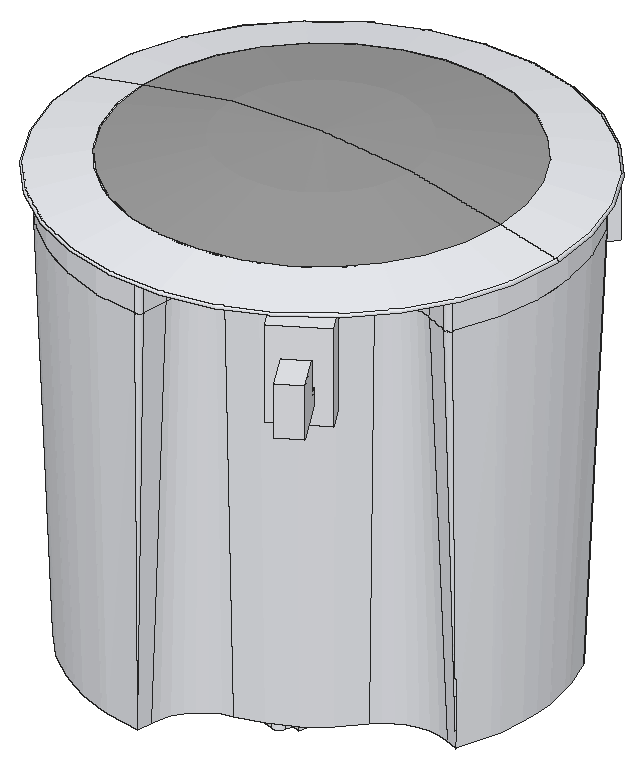
Revit family "FAP40T", category Communication Devices, Revit 2014
Parameters (values of type "Two Way, Full Range, Coaxial Ceiling Loudspeaker")
  Width = 7 3/8"
  Warranty = "5  Year"
  Vertical Symmetry = yes
  URL = "www.atlassound.com"
  Transformer Option = yes
  Specification by User (default) = "TBD"
  Speaker Type = "S1"
  Speaker Listening Height [instance] = 30"
  Speaker Height [instance] = 120"
  Speaker Dispersion = 25.00°
  Speaker Cone Visible [instance] = no
  Speaker Cone Height [instance] = (Speaker Height - Speaker Listening Height)  # 90"
  Sensitivity = 87
  ScheduleType |RF| = "AtlasIED Master"
  Safety Features = "1 Safety Hang Point"
  Safety Agency Ratings = "UL Listed to Comply with UL1480, UL2043 and CSA60065. Suitable for Use in Air Handling Spaces per NFPA 70 and NFPA 90"
  SPL Max = 107
  Regulatory Compliance = "UL Listed to Comply with UL1480, UL2043 and CSA60065. Suitable for Use in Air Handling Spaces per NFPA 70 and NFPA 90"
  Radius of Speaker Cone [instance] = (Speaker Cone Height) * tan(Speaker Dispersion / 2)  # 19.95252"
  Product Page URL = "https://www.atlasied.com/fap40t"
  Product Documentation Link = "https://www.atlasied.com/f/2909/ATS001618%20FAP40T%20Datasheet%20RevD.pdf"
  Power Rating (RMS) = "16 Watts (8Ω)"
  OmniClass Title = "SPEAKERS"
  OmniClass Number = "23-37 17 13 19"
  Mounting/Rigging Provisions = "Patented Safety First Mounting System"
  Mount Material = QF_Plastic - White - Smooth
  Model = "FAP40T"
  MaterFormat Title = "SPEKERS"
  MasterFormat = "27 41 13"
  Market = "Commercial, Higher Education, Emergency"
  Manufacturer URL = "https://www.atlasied.com"
  Manufacturer Phone = "(800) 876 - 3333"
  Manufacturer Email = "support@atlasied.com"
  Manufacturer Address = "4545 E. Baseline Rd., Phoenix, AZ 85042"
  Manufacturer = "ATLAS SOUND"
  Input Connectors = "Input Via 2 Pole Terminal Strip"
  Ingress Protection = "IP-21"
  Impedance = 8
  IQ Category = "SPEAKERS"
  Height = 7 1/8"
  Grill Material = QF_Plastic - Black - Fine Textured
  Frequency Response  = "100Hz – 12kHz (±3dB) / 80Hz – 15kHz (±5dB)"
  Family Version [instance] = "2017-01"
  Family Code (default) = "LOUD SPEAKERS"
  Enclosure Material = none
  Dispersion Angle = 0.00°
  Description = "4\" IN CEILING LOUDSPEAKER WITH 16-WATT 70/100V TRANSFORMER AND PORTED ENCLOSURE"
  Depth = 7 3/8"
  Coverage Vertical = 110.00°
  Coverage Horizontal = 110.00°
  Cost MSRP = 74.99
  Cost = 74.99
  Controls = "Front Mounted Tap Selector Switch"
  Color = none
  Body Material = QF_Plastic - White - Smooth
  Baffle Material = none
  70V Taps = "1, 2, 4, 8, and 16 watts & 8Ω"
  100V Taps = "1, 2, 4, 8, and 16 Watts primary taps (@70.7V)"
Reference planes (in)
  plane 1 "Center (Front/Back)": y = 0
  plane 2: z = 0
  plane 3 "Center (Left/Right)": x = 0
  plane 4: z = 0.55153
  plane 5: x = 3.6
  plane 6: x = -3.6
  plane 7: x = 3.15625
  plane 8: x = -3.15625
  plane 9: z = -7.125
  plane 10: x = 3.6875
  plane 11: x = -3.6875
  plane 12: y = 3.6875
  plane 13: y = -3.6875
Forms (in)
  Revolve 1, solid, material "QF_Plastic - White - Smooth" <- "Mount Material"
    sketch origin (0, 0, 0) x (1, 0, 0) y (0, 0, 1)
      loop
        line (-3.6875, 0) -> (0, 0) -> (0, 0.21227) -> (-2.79819, 0.21227)
        arc (-2.79819, 0.21227) -> (-3.2299, 0.12916) -> (-3.65991, 0.03769) r 22.63754
        arc (-3.65991, 0.03769) -> (-3.6808, 0.02404) -> (-3.6875, 0) r 0.03543
      axis (0, 0.21227) -> (0, 0)
    angle from 0 to 360
  Revolve 2, solid, material "QF_Plastic - Black - Fine Textured" <- "Grill Material"
    sketch origin (0, 0, 0) x (1, 0, 0) y (0, 0, 1)
      loop
        line (0, 0.21227) -> (0, 0.55118)
        arc (0, 0.55118) -> (-1.40933, 0.46619) -> (-2.79819, 0.21227) r 11.71431
        line (-2.79819, 0.21227) -> (0, 0.21227)
      axis (0, 0.55118) -> (0, 0.21227)
    angle from 0 to 360
  Extrusion 3, solid, material "QF_Plastic - White - Smooth" <- "Body Material"
    sketch origin (0, 0, 0) x (0, 1, 0) y (1, 0, 0)
      loop
        arc (1.69539, 1.9359) -> (1.50176, 2.27101) -> (1.55271, 2.65467) r 0.60074
        line (1.55271, 2.65467) -> (1.71873, 3.00092)
        arc (1.71873, 3.00092) -> (1.72291, 3.0636) -> (1.68269, 3.11185) r 0.08454
        arc (1.68269, 3.11185) -> (0.12483, 3.53486) -> (-1.45875, 3.22155) r 3.53689
        arc (-1.45875, 3.22155) -> (-1.50233, 3.17596) -> (-1.50222, 3.11289) r 0.08453
        line (-1.50222, 3.11289) -> (-1.36092, 2.76314)
        arc (-1.36092, 2.76314) -> (-1.33528, 2.37337) -> (-1.55345, 2.04935) r 0.60426
        arc (-1.55345, 2.04935) -> (-2.18006, 1.36325) -> (-2.52204, 0.49928) r 2.57233
        arc (-2.52204, 0.49928) -> (-2.71515, 0.16334) -> (-3.07261, 0.01379) r 0.60421
        line (-3.07261, 0.01379) -> (-3.45549, -0.01299)
        arc (-3.45549, -0.01299) -> (-3.51222, -0.04054) -> (-3.53409, -0.0997) r 0.08453
        arc (-3.53409, -0.0997) -> (-3.1215, -1.66035) -> (-2.05838, -2.87511) r 3.53689
        arc (-2.05838, -2.87511) -> (-1.9971, -2.89006) -> (-1.94254, -2.85843) r 0.08453
        line (-1.94254, -2.85843) -> (-1.70624, -2.55599)
        arc (-1.70624, -2.55599) -> (-1.38236, -2.34326) -> (-0.99587, -2.37102) r 0.60421
        arc (-0.99587, -2.37102) -> (-0.08838, -2.57064) -> (0.83083, -2.43481) r 2.57233
        arc (0.83083, -2.43481) -> (1.21785, -2.43468) -> (1.52464, -2.67063) r 0.60074
        line (1.52464, -2.67063) -> (1.74149, -2.98754)
        arc (1.74149, -2.98754) -> (1.79369, -3.02249) -> (1.85558, -3.01179) r 0.08454
        arc (1.85558, -3.01179) -> (3.00085, -1.87415) -> (3.5213, -0.34608) r 3.53689
        arc (3.5213, -0.34608) -> (3.51168, -0.29537) -> (3.47618, -0.25792) r 0.09159
        line (3.47618, -0.25792) -> (3.08357, -0.20274)
        arc (3.08357, -0.20274) -> (2.713, -0.04089) -> (2.55245, 0.33026) r 0.55151
        arc (2.55245, 0.33026) -> (2.27067, 1.21141) -> (1.69539, 1.9359) r 2.57233
    from 0 to 0.48766
  Extrusion 4, solid, material "QF_Plastic-White-Smooth"
    sketch origin (-0.12387, 0.40034, -6.495) x (-0.132851, -0.991136, 0) y (-0.991136, 0.132851, 0)
      loop
        arc (0.26326, -1.77144) -> (0.86528, -1.79885) -> (1.31036, -1.39252) r 0.7874
        line (1.31036, -1.39252) -> (1.92869, -0.07289)
        arc (1.92869, -0.07289) -> (1.95575, 0.5288) -> (1.54963, 0.97359) r 0.7874
        line (1.54963, 0.97359) -> (0.89354, 1.28101) -> (0.40075, 0.22932)
        arc (0.40075, 0.22932) -> (0.18155, -0.05927) -> (0.10007, -0.41239) r 0.86345
        line (0.10007, -0.41239) -> (-0.05027, -0.73324)
        arc (-0.05027, -0.73324) -> (-0.16154, -0.83482) -> (-0.31205, -0.82797) r 0.19685
        line (-0.31205, -0.82797) -> (-0.40474, -0.78454) -> (-0.58014, -1.15887)
        arc (-0.58014, -1.15887) -> (-0.58699, -1.30938) -> (-0.48541, -1.42065) r 0.19685
        line (-0.48541, -1.42065) -> (0.26326, -1.77144)
    from 0 to 0.13
  Extrusion 5, solid, material "QF_Plastic-White-Smooth"
    sketch origin (-0.12387, 0.40034, -6.625) x (0.991136, -0.132851, 0) y (-0.132851, -0.991136, 0)
      loop
        arc (1.55031, 0.01928) -> (1.57211, 0.11421) -> (1.52381, 0.19878) r 0.13386
        line (1.52381, 0.19878) -> (1.31739, 1.59684) -> (1.44125, 1.61513) -> (1.39525, 1.92671) -> (1.27138, 1.90842) -> (1.25413, 2.02526)
        arc (1.25413, 2.02526) -> (1.20771, 2.10283) -> (1.12004, 2.12485) r 0.11811
        line (1.12004, 2.12485) -> (-0.97437, 1.81562)
        arc (-0.97437, 1.81562) -> (-1.13966, 1.75073) -> (-1.25963, 1.61981) r 0.3937
        arc (-1.25963, 1.61981) -> (-1.39893, 1.34152) -> (-1.50963, 1.05067) r 3.10039
        arc (-1.50963, 1.05067) -> (-1.53484, 0.86066) -> (-1.36217, 0.77745) r 0.16339
        arc (-1.36217, 0.77745) -> (-1.41682, 0.4909) -> (-1.44223, 0.2003) r 2.88386
        arc (-1.44223, 0.2003) -> (-1.403, 0.10799) -> (-1.30695, 0.07913) r 0.11811
        line (-1.30695, 0.07913) -> (-1.03143, 0.11981)
        arc (-1.03143, 0.11981) -> (-0.94376, 0.09778) -> (-0.89734, 0.02021) r 0.11811
        line (-0.89734, 0.02021) -> (-0.86513, -0.19789)
        arc (-0.86513, -0.19789) -> (-0.78776, -0.32717) -> (-0.64164, -0.36388) r 0.19685
        line (-0.64164, -0.36388) -> (-0.29111, -0.31213)
        arc (-0.29111, -0.31213) -> (0.04831, -0.18513) -> (0.40995, -0.20861) r 0.86345
        line (0.40995, -0.20861) -> (1.55891, -0.03897) -> (1.55031, 0.01928)
    from 0 to 0.13
  Extrusion 6, solid, material "QF_Plastic-White-Smooth"
    sketch origin (-0.12387, 0.40034, -6.625) x (0.991136, -0.132851, 0) y (-0.132851, -0.991136, 0)
      loop
        arc (0.20285, -1.15237) -> (0.40411, -1.05602) -> (0.52648, -0.86943) r 0.41535
        line (0.52648, -0.86943) -> (0.73805, -0.83212) -> (0.72438, -0.75458) -> (0.43755, -0.80516)
        arc (0.43755, -0.80516) -> (0.18508, -1.05156) -> (-0.13644, -0.90637) r 0.31299
        line (-0.13644, -0.90637) -> (-0.42327, -0.95694) -> (-0.4096, -1.03449) -> (-0.19802, -0.99718)
        arc (-0.19802, -0.99718) -> (-0.01922, -1.13067) -> (0.20285, -1.15237) r 0.41535
      loop
        line (0.71388, -0.59288) -> (0.70707, -0.5541) -> (-0.4756, -0.76193) -> (-0.46878, -0.8007) -> (0.71388, -0.59288)
    from 0 to 0.50452
  SweptBlend 7, solid, material "QF_Plastic - White - Smooth" <- "Body Material"
    path origin (0, 0, 0) x (1, 0, 0) y (0, 0, 1)
      loop
        line (0, -0.48766) -> (0, -6.495)
    profile origin (0, 0, -0.48766) x (0, -1, 0) y (1, 0, 0)
      loop
        arc (-1.69539, 1.9359) -> (-2.27067, 1.21141) -> (-2.55245, 0.33026) r 2.57233
        arc (-2.55245, 0.33026) -> (-2.713, -0.04089) -> (-3.08357, -0.20274) r 0.55151
        line (-3.08357, -0.20274) -> (-3.47618, -0.25792)
        arc (-3.47618, -0.25792) -> (-3.51168, -0.29537) -> (-3.5213, -0.34608) r 0.09159
        arc (-3.5213, -0.34608) -> (-3.00085, -1.87415) -> (-1.85558, -3.01179) r 3.53689
        arc (-1.85558, -3.01179) -> (-1.79369, -3.02249) -> (-1.74149, -2.98754) r 0.08454
        line (-1.74149, -2.98754) -> (-1.52464, -2.67063)
        arc (-1.52464, -2.67063) -> (-1.21785, -2.43468) -> (-0.83083, -2.43481) r 0.60074
        arc (-0.83083, -2.43481) -> (0.08838, -2.57064) -> (0.99587, -2.37102) r 2.57233
        arc (0.99587, -2.37102) -> (1.38236, -2.34326) -> (1.70624, -2.55599) r 0.60421
        line (1.70624, -2.55599) -> (1.94254, -2.85843)
        arc (1.94254, -2.85843) -> (1.9971, -2.89006) -> (2.05838, -2.87511) r 0.08453
        arc (2.05838, -2.87511) -> (3.1215, -1.66035) -> (3.53409, -0.0997) r 3.53689
        arc (3.53409, -0.0997) -> (3.51222, -0.04054) -> (3.45549, -0.01299) r 0.08453
        line (3.45549, -0.01299) -> (3.07261, 0.01379)
        arc (3.07261, 0.01379) -> (2.71515, 0.16334) -> (2.52204, 0.49928) r 0.60421
        arc (2.52204, 0.49928) -> (2.18006, 1.36325) -> (1.55345, 2.04935) r 2.57233
        arc (1.55345, 2.04935) -> (1.33528, 2.37337) -> (1.36092, 2.76314) r 0.60426
        line (1.36092, 2.76314) -> (1.50222, 3.11289)
        arc (1.50222, 3.11289) -> (1.50233, 3.17596) -> (1.45875, 3.22155) r 0.08453
        arc (1.45875, 3.22155) -> (-0.12483, 3.53486) -> (-1.68269, 3.11185) r 3.53689
        arc (-1.68269, 3.11185) -> (-1.72291, 3.0636) -> (-1.71873, 3.00092) r 0.08454
        line (-1.71873, 3.00092) -> (-1.55271, 2.65467)
        arc (-1.55271, 2.65467) -> (-1.50176, 2.27101) -> (-1.69539, 1.9359) r 0.60074
    end profile origin (0, 0, -6.495) x (0, -1, 0) y (1, 0, 0)
      loop
        arc (-1.53075, 1.74776) -> (-2.04763, 1.09835) -> (-2.30313, 0.30864) r 2.32233
        arc (-2.30313, 0.30864) -> (-2.53566, -0.2171) -> (-3.06037, -0.45194) r 0.80151
        line (-3.06037, -0.45194) -> (-3.25317, -0.47904)
        arc (-3.25317, -0.47904) -> (-2.78855, -1.74213) -> (-1.85665, -2.71312) r 3.28689
        line (-1.85665, -2.71312) -> (-1.73179, -2.53066)
        arc (-1.73179, -2.53066) -> (-1.29748, -2.1977) -> (-0.75021, -2.19816) r 0.85074
        arc (-0.75021, -2.19816) -> (0.07965, -2.32079) -> (0.89895, -2.14057) r 2.32233
        arc (0.89895, -2.14057) -> (1.44536, -2.10133) -> (1.90324, -2.40207) r 0.85421
        line (1.90324, -2.40207) -> (2.03946, -2.57642)
        arc (2.03946, -2.57642) -> (2.90076, -1.54298) -> (3.27589, -0.25104) r 3.28689
        line (3.27589, -0.25104) -> (3.05517, -0.2356)
        arc (3.05517, -0.2356) -> (2.5498, -0.02417) -> (2.27679, 0.45077) r 0.85421
        arc (2.27679, 0.45077) -> (1.96805, 1.23077) -> (1.40233, 1.85019) r 2.32233
        arc (1.40233, 1.85019) -> (1.0941, 2.30755) -> (1.12958, 2.85794) r 0.85426
        line (1.12958, 2.85794) -> (1.20953, 3.05583)
        arc (1.20953, 3.05583) -> (-0.11665, 3.28499) -> (-1.42351, 2.96344) r 3.28689
        line (-1.42351, 2.96344) -> (-1.32792, 2.76408)
        arc (-1.32792, 2.76408) -> (-1.25672, 2.22147) -> (-1.53075, 1.74776) r 0.85074
  Extrusion 8, solid, material "QF_Plastic - White - Smooth"
    sketch origin (0, 0, 0) x (0, 1, 0) y (1, 0, 0)
      loop
        line (0.40934, -3.05952) -> (0.40934, -2.64543) -> (-0.44066, -2.64543) -> (-0.44066, -3.05952) -> (0.40934, -3.05952)
      loop
        line (-2.32737, 2.04314) -> (-2.76515, 1.31455) -> (-2.4102, 1.10128) -> (-1.97242, 1.82987) -> (-2.32737, 2.04314)
      loop
        line (2.39708, 1.87569) -> (2.04213, 1.66241) -> (2.47992, 0.93382) -> (2.83487, 1.14709) -> (2.39708, 1.87569)
    from 0.48766 to 1.85886
  Extrusion 9, solid, material "QF_Plastic - White - Smooth"
    sketch origin (-3.41789, -0.459, 0) x (-0.999747, 0.022477, 0) y (0, 0, -1)
      loop
        line (0.46763, 1.61) -> (-0.75083, 1.61) -> (-0.75083, 1.36) -> (-0.15737, 1.36) -> (-0.15737, 0.86) -> (0.46763, 0.86) -> (0.46763, 1.61)
    from -0.2375 to -0.6125
  Extrusion 10, solid, material "QF_Plastic - White - Smooth"
    sketch origin (0.74245, 2.19436, 0) x (0.573014, 0.819545, 0) y (0, 0, -1)
      loop
        line (1.59203, 1.60852) -> (0.37358, 1.60852) -> (0.37358, 1.35852) -> (0.96703, 1.35852) -> (0.96703, 0.85852) -> (1.59203, 0.85852) -> (1.59203, 1.60852)
    from -0.2375 to -0.6125
  Extrusion 11, solid, material "QF_Plastic - White - Smooth"
    sketch origin (0.90404, -2.08976, 0) x (0.511281, -0.859414, 0) y (0, 0, 1)
      loop
        line (1.59203, -1.60852) -> (1.59203, -0.85852) -> (0.96703, -0.85852) -> (0.96703, -1.35852) -> (0.37358, -1.35852) -> (0.37358, -1.60852) -> (1.59203, -1.60852)
    from -0.2375 to -0.6125
  Blend 12, solid, material "Glass", visible <- "Speaker Cone Visible"
    base sketch origin (0, 0, 0) x (1, 0, 0) y (0, 1, 0)
      loop
        circle (0, 0.09521) r 19.95252
    top sketch origin (0, 0, 0) x (1, 0, 0) y (0, 1, 0)
      loop
        circle (0, 0.09521) r 0.13513
    from 90 <- "Speaker Cone Height" to 0
Cuts and joins
  joined: Extrusion 3, SweptBlend 7
Lines and regions (in)
  symbolic lines
    curve 1: circle (0, 0, 0) r 3.6875 normal (0, 0, 1)
    curve 2: circle (0, 0, 0) r 2.79819 normal (0, 0, 1)
  symbolic lines, style "Sound Projection Average", visible <- "Speaker Cone Visible"
    curve 3: circle (0, 0.09521, 0) r 19.95252 normal (0, 0, 1)
Dimensions and locks (in)
  plane 4 to plane 2 = 0.55153"
  "Height": plane 2 to plane 9
  "Width": plane 11 to plane 10
  "Depth": plane 13 to plane 12
  "Radius of Speaker Cone": radius of Blend 12 sketch curve
  aligned and locked: plane 2 to level
  aligned and locked: curve 3 to Blend 12
Automatic sketch dimensions
  curve 1 to curve 2 = 0"  (x2)
  plane 1 "Center (Front/Back)" to curve 2 = 0"
  curve 2 to plane 3 "Center (Left/Right)" = 0"
  Revolve 1 sketch curve to level = 0"
  plane 11 to Revolve 1 sketch curve = 0"
  Revolve 1 sketch curve to plane 3 "Center (Left/Right)" = 0"  (x2)
  level to Revolve 1 sketch curve = 0.00311"
  Revolve 1 sketch curve to plane 11 = 0.0353"
  Revolve 1 sketch curve to plane 8 = 0.35806"
  plane 3 "Center (Left/Right)" to Revolve 1 sketch curve = 1.26485"
  Revolve 1 sketch curve to plane 9 = 14.93266"
  level to Revolve 1 sketch curve = 0.21227"
  Revolve 1 sketch curve to plane 4 = 2.31042"
  Revolve 1 sketch curve to Revolve 1 sketch curve = 1/4"
  Revolve 2 sketch curve to plane 3 "Center (Left/Right)" = 0"  (x2)
  Revolve 2 sketch curve to plane 3 "Center (Left/Right)" = 0.00079"
  level to Revolve 2 sketch curve = 0.21227"
  Revolve 2 sketch curve to plane 8 = 0.35806"
  Revolve 2 sketch curve to plane 9 = 4.03813"
  Revolve 2 sketch curve to plane 4 = 2.31042"
  Revolve 2 sketch curve to Revolve 2 sketch curve = 1/4"
  Extrusion 3 sketch curve to Extrusion 3 sketch curve = 0"  (x36)
  Extrusion 3 sketch curve to Revolve 1 = 3.45549"
  Extrusion 3 sketch curve to Extrusion 3 sketch curve = 0.0059"
  Extrusion 3 sketch curve to Extrusion 3 sketch curve = 0.34073"
  Extrusion 3 sketch curve to Extrusion 3 sketch curve = 0.38288"
  Extrusion 3 sketch curve to Revolve 1 = 2.00915"
  Extrusion 3 sketch curve to Extrusion 3 sketch curve = 0.06661"
  Extrusion 3 sketch curve to Revolve 1 = 1.91869"
  Extrusion 3 sketch curve to Extrusion 3 sketch curve = 0.2363"
  Extrusion 3 sketch curve to Extrusion 3 sketch curve = 0.41646"
  Extrusion 3 sketch curve to Extrusion 3 sketch curve = 0.07838"
  Extrusion 3 sketch curve to Extrusion 3 sketch curve = 0.14131"
  Extrusion 3 sketch curve to Extrusion 3 sketch curve = 0.47612"
  Revolve 1 to Extrusion 3 sketch curve = 0.00139"
  Revolve 1 to Extrusion 3 sketch curve = 1.02453"
  Extrusion 3 sketch curve to Extrusion 3 sketch curve = 0.50011"
  Revolve 1 to Extrusion 3 sketch curve = 1.55271"
  Extrusion 3 sketch curve to Extrusion 3 sketch curve = 0.0898"
  Extrusion 3 sketch curve to Extrusion 3 sketch curve = 0.07623"
  Extrusion 3 sketch curve to Extrusion 3 sketch curve = 0.21685"
  Extrusion 3 sketch curve to Extrusion 3 sketch curve = 0.06977"
  Extrusion 3 sketch curve to Extrusion 3 sketch curve = 0.5383"
  Extrusion 3 sketch curve to Extrusion 3 sketch curve = 0.99257"
  Extrusion 3 sketch curve to Extrusion 3 sketch curve = 0.02008"
  Extrusion 3 sketch curve to Extrusion 3 sketch curve = 0.34657"
  Extrusion 3 sketch curve to Extrusion 3 sketch curve = 0.04603"
  Extrusion 3 sketch curve to Extrusion 3 sketch curve = 0.03167"
  Extrusion 3 sketch curve to Extrusion 3 sketch curve = 0.10709"
  Extrusion 3 sketch curve to Extrusion 3 sketch curve = 0.03655"
  Extrusion 3 sketch curve to Extrusion 3 sketch curve = 0.34975"
  Extrusion 3 sketch curve to Extrusion 3 sketch curve = 0.34625"
  Extrusion 3 sketch curve to Extrusion 3 sketch curve = 0.23242"
  Extrusion 3 sketch curve to Extrusion 3 sketch curve = 0.26669"
  Extrusion 3 sketch curve to Extrusion 3 sketch curve = 1.9142"
  Extrusion 3 sketch curve to Extrusion 3 sketch curve = 2.03958"
  Extrusion 3 sketch curve to Extrusion 3 sketch curve = 0.60274"
  Extrusion 3 sketch curve to Extrusion 3 sketch curve = 0.01367"
  Extrusion 3 sketch curve to Extrusion 3 sketch curve = 0.02677"
  Extrusion 3 sketch curve to Extrusion 3 sketch curve = 0.08433"
  Extrusion 3 sketch curve to Extrusion 3 sketch curve = 0.55115"
  Extrusion 3 sketch curve to Extrusion 3 sketch curve = 0.05518"
  Extrusion 3 sketch curve to Extrusion 3 sketch curve = 0.07919"
  Extrusion 3 sketch curve to Extrusion 3 sketch curve = 2.56978"
  Extrusion 3 sketch curve to Extrusion 3 sketch curve = 2.46788"
  Extrusion 3 sketch curve to Extrusion 3 sketch curve = 0.2504"
  Extrusion 3 sketch curve to Extrusion 3 sketch curve = 0.05204"
  Extrusion 3 sketch curve to Extrusion 3 sketch curve = 0.37199"
  Extrusion 3 sketch curve to Extrusion 3 sketch curve = 0.26917"
  Extrusion 3 sketch curve to Extrusion 3 sketch curve = 0.04774"
  Extrusion 3 sketch curve to Extrusion 3 sketch curve = 0.33284"
  SweptBlend 7 to Extrusion 4 sketch curve = 0.01017"
  Extrusion 4 sketch curve to SweptBlend 7 = 0.26195"
  Extrusion 4 sketch curve to Extrusion 4 sketch curve = 0.09473"
  Extrusion 4 sketch curve to Extrusion 4 sketch curve = 0.1754"
  Extrusion 4 sketch curve to Extrusion 4 sketch curve = 0.08352"  (x3)
  Extrusion 4 sketch curve to Extrusion 4 sketch curve = 0.09269"
  Extrusion 4 sketch curve to Extrusion 4 sketch curve = 0.32859"
  Extrusion 4 sketch curve to Extrusion 4 sketch curve = 0.30068"
  Extrusion 4 sketch curve to Extrusion 4 sketch curve = 0.49728"
  Extrusion 4 sketch curve to Extrusion 4 sketch curve = 0.49279"
  Extrusion 4 sketch curve to Extrusion 4 sketch curve = 0.36608"
  Extrusion 4 sketch curve to Extrusion 4 sketch curve = 0.25199"
  Extrusion 4 sketch curve to Extrusion 4 sketch curve = 0.71301"
  Extrusion 4 sketch curve to Extrusion 4 sketch curve = 0.6561"
  Extrusion 4 sketch curve to Extrusion 4 sketch curve = 0.71327"
  Extrusion 4 sketch curve to Extrusion 4 sketch curve = 0.10044"
  Extrusion 4 sketch curve to Extrusion 4 sketch curve = 0.3309"
  Extrusion 4 sketch curve to Extrusion 4 sketch curve = 0.04343"
  Extrusion 4 sketch curve to Extrusion 4 sketch curve = 0.17825"  (x2)
  Extrusion 4 sketch curve to Extrusion 4 sketch curve = 81/128"
  Extrusion 4 sketch curve to Extrusion 4 sketch curve = 0.23733"
  Extrusion 4 sketch curve to Extrusion 4 sketch curve = 0.35273"
  Extrusion 4 sketch curve to Extrusion 4 sketch curve = 0.68626"
  Extrusion 4 sketch curve to Extrusion 4 sketch curve = 0.30742"
  Extrusion 4 sketch curve to Extrusion 4 sketch curve = 0.33409"  (x2)
  Extrusion 4 sketch curve to Extrusion 4 sketch curve = 0"  (x4)
  Extrusion 5 sketch curve to Extrusion 5 sketch curve = 0"  (x16)
  Extrusion 5 sketch curve to Extrusion 4 = 0.0062"
  Extrusion 5 sketch curve to Extrusion 4 = 0.11862"
  Extrusion 5 sketch curve to Extrusion 5 sketch curve = 0.06685"
  Extrusion 5 sketch curve to Extrusion 5 sketch curve = 0.01725"  (x4)
  Extrusion 5 sketch curve to Extrusion 5 sketch curve = 0.27552"
  Extrusion 5 sketch curve to Extrusion 5 sketch curve = 0.4742"
  Extrusion 5 sketch curve to Extrusion 5 sketch curve = 0.11684"  (x3)
  Extrusion 5 sketch curve to Extrusion 5 sketch curve = 0.0322"
  Extrusion 5 sketch curve to Extrusion 5 sketch curve = 0.19474"
  Extrusion 5 sketch curve to Extrusion 5 sketch curve = 0.37928"
  Extrusion 5 sketch curve to Extrusion 5 sketch curve = 0.46554"
  Extrusion 5 sketch curve to Extrusion 5 sketch curve = 0.70106"
  Extrusion 5 sketch curve to Extrusion 5 sketch curve = 2.05415"
  Extrusion 5 sketch curve to Extrusion 5 sketch curve = 0.1341"
  Extrusion 5 sketch curve to Extrusion 5 sketch curve = 0.046"
  Extrusion 5 sketch curve to Extrusion 5 sketch curve = 0.12386"  (x2)
  Extrusion 5 sketch curve to Extrusion 5 sketch curve = 1.02974"
  Extrusion 5 sketch curve to Extrusion 5 sketch curve = 0.08412"
  Extrusion 5 sketch curve to Extrusion 5 sketch curve = 0.11062"
  Extrusion 5 sketch curve to Extrusion 5 sketch curve = 0.0086"
  Extrusion 5 sketch curve to Extrusion 5 sketch curve = 0.48788"
  Extrusion 5 sketch curve to Extrusion 5 sketch curve = 0.1707"
  Extrusion 5 sketch curve to Extrusion 5 sketch curve = 0.01829"  (x2)
  Extrusion 5 sketch curve to Extrusion 5 sketch curve = 0.31158"
  Extrusion 5 sketch curve to Extrusion 5 sketch curve = 0.09959"  (x2)
  Extrusion 5 sketch curve to Extrusion 5 sketch curve = 1.39806"
  Extrusion 5 sketch curve to Extrusion 5 sketch curve = 0.74229"
  Extrusion 5 sketch curve to Extrusion 5 sketch curve = 0.07616"
  Extrusion 5 sketch curve to Extrusion 5 sketch curve = 0.10413"
  Extrusion 5 sketch curve to Extrusion 5 sketch curve = 0.05825"
  Extrusion 5 sketch curve to Extrusion 5 sketch curve = 0.18935"
  Extrusion 5 sketch curve to Extrusion 5 sketch curve = 0.02875"  (x2)
  Extrusion 5 sketch curve to Extrusion 5 sketch curve = 0.30327"
  Extrusion 5 sketch curve to Extrusion 5 sketch curve = 0.14298"
  Extrusion 5 sketch curve to Extrusion 5 sketch curve = 0.11857"
  Extrusion 5 sketch curve to Extrusion 5 sketch curve = 0.02888"
  Extrusion 5 sketch curve to Extrusion 5 sketch curve = 0.28526"
  Extrusion 6 sketch curve to Extrusion 6 sketch curve = 0"  (x6)
  Extrusion 6 sketch curve to Extrusion 4 = 0.98953"
  Extrusion 6 sketch curve to Extrusion 4 = 0.85812"
  Extrusion 6 sketch curve to Extrusion 6 sketch curve = 0.00681"  (x2)
  Extrusion 6 sketch curve to Extrusion 6 sketch curve = 0.04551"
  Extrusion 6 sketch curve to Extrusion 6 sketch curve = 0.01367"  (x2)
  Extrusion 6 sketch curve to Extrusion 6 sketch curve = 0.21158"
  Extrusion 6 sketch curve to Extrusion 6 sketch curve = 0.06158"
  Extrusion 6 sketch curve to Extrusion 6 sketch curve = 0.26717"
  Extrusion 6 sketch curve to Extrusion 6 sketch curve = 0.30682"
  Extrusion 6 sketch curve to Extrusion 6 sketch curve = 0.08892"
  Extrusion 6 sketch curve to Extrusion 6 sketch curve = 0.1806"
  Extrusion 6 sketch curve to Extrusion 6 sketch curve = 0.01049"
  Extrusion 6 sketch curve to Extrusion 6 sketch curve = 0.00735"
  Extrusion 6 sketch curve to Extrusion 6 sketch curve = 0.01126"
  Extrusion 6 sketch curve to Extrusion 6 sketch curve = 0.1617"
  Extrusion 6 sketch curve to Extrusion 6 sketch curve = 0.05058"
  Extrusion 6 sketch curve to Extrusion 6 sketch curve = 0.07754"
  Extrusion 6 sketch curve to Extrusion 6 sketch curve = 0.06428"
  Extrusion 6 sketch curve to Extrusion 6 sketch curve = 5/32"
  Extrusion 6 sketch curve to Extrusion 6 sketch curve = 0.07213"
  SweptBlend 7 sketch curve to plane 3 "Center (Left/Right)" = 0"
  plane 9 to SweptBlend 7 sketch curve = 0.63"
  SweptBlend 7 sketch curve to level = 0.48766"
  SweptBlend 7 sketch curve to SweptBlend 7 sketch curve = 0"  (x67)
  profile plane to SweptBlend 7 sketch curve = 0.25792"
  SweptBlend 7 sketch curve to profile plane = 3.47618"
  SweptBlend 7 sketch curve to SweptBlend 7 sketch curve = 0.04603"
  SweptBlend 7 sketch curve to profile plane = 0.3484"  (x2)
  SweptBlend 7 sketch curve to SweptBlend 7 sketch curve = 0.37252"
  profile plane to SweptBlend 7 sketch curve = 0.20274"
  SweptBlend 7 sketch curve to SweptBlend 7 sketch curve = 0.34657"
  SweptBlend 7 sketch curve to profile plane = 2.09101"  (x2)
  SweptBlend 7 sketch curve to profile plane = 1.81126"
  SweptBlend 7 sketch curve to SweptBlend 7 sketch curve = 0.06977"
  SweptBlend 7 sketch curve to SweptBlend 7 sketch curve = 0.37228"
  SweptBlend 7 sketch curve to SweptBlend 7 sketch curve = 0.07623"
  SweptBlend 7 sketch curve to SweptBlend 7 sketch curve = 0.16603"
  SweptBlend 7 sketch curve to SweptBlend 7 sketch curve = 0.21685"
  SweptBlend 7 sketch curve to SweptBlend 7 sketch curve = 0.50011"
  SweptBlend 7 sketch curve to profile plane = 0.00012"  (x2)
  SweptBlend 7 sketch curve to profile plane = 0.00139"  (x2)
  profile plane to SweptBlend 7 sketch curve = 1.23012"  (x2)
  profile plane to SweptBlend 7 sketch curve = 1.36092"
  SweptBlend 7 sketch curve to SweptBlend 7 sketch curve = 0.06293"
  SweptBlend 7 sketch curve to SweptBlend 7 sketch curve = 0.07838"
  SweptBlend 7 sketch curve to SweptBlend 7 sketch curve = 0.47612"
  SweptBlend 7 sketch curve to SweptBlend 7 sketch curve = 0.55777"
  SweptBlend 7 sketch curve to SweptBlend 7 sketch curve = 0.2363"
  SweptBlend 7 sketch curve to SweptBlend 7 sketch curve = 0.06661"
  SweptBlend 7 sketch curve to profile plane = 0.01379"
  SweptBlend 7 sketch curve to SweptBlend 7 sketch curve = 1.15393"
  SweptBlend 7 sketch curve to SweptBlend 7 sketch curve = 0.04215"
  profile plane to SweptBlend 7 sketch curve = 0.09731"
  SweptBlend 7 sketch curve to SweptBlend 7 sketch curve = 0.37698"
  profile plane to SweptBlend 7 sketch curve = 0.01299"
  SweptBlend 7 sketch curve to SweptBlend 7 sketch curve = 0.0059"
  SweptBlend 7 sketch curve to SweptBlend 7 sketch curve = 0.07919"
  profile plane to SweptBlend 7 sketch curve = 2.55599"
  profile plane to SweptBlend 7 sketch curve = 2.67063"
  SweptBlend 7 sketch curve to SweptBlend 7 sketch curve = 0.2504"
  SweptBlend 7 sketch curve to SweptBlend 7 sketch curve = 0.05204"
  SweptBlend 7 sketch curve to SweptBlend 7 sketch curve = 0.37199"
  SweptBlend 7 sketch curve to SweptBlend 7 sketch curve = 0.26917"
  SweptBlend 7 sketch curve to SweptBlend 7 sketch curve = 0.04774"
  SweptBlend 7 sketch curve to SweptBlend 7 sketch curve = 0.33284"
  SweptBlend 7 sketch curve to SweptBlend 7 sketch curve = 0.60274"
  SweptBlend 7 sketch curve to SweptBlend 7 sketch curve = 2.03958"  (x2)
  SweptBlend 7 sketch curve to SweptBlend 7 sketch curve = 2.03145"
  SweptBlend 7 sketch curve to SweptBlend 7 sketch curve = 0.26669"
  SweptBlend 7 sketch curve to SweptBlend 7 sketch curve = 0.23242"
  SweptBlend 7 sketch curve to SweptBlend 7 sketch curve = 0.34625"
  SweptBlend 7 sketch curve to SweptBlend 7 sketch curve = 0.03655"
  SweptBlend 7 sketch curve to SweptBlend 7 sketch curve = 0.34975"
  SweptBlend 7 sketch curve to SweptBlend 7 sketch curve = 0.03167"
  SweptBlend 7 sketch curve to profile plane = 0.33026"
  profile plane to SweptBlend 7 sketch curve = 0.47904"
  SweptBlend 7 sketch curve to profile plane = 3.25317"
  SweptBlend 7 sketch curve to SweptBlend 7 sketch curve = 0.14951"
  profile plane to SweptBlend 7 sketch curve = 0.45194"
  SweptBlend 7 sketch curve to SweptBlend 7 sketch curve = 0.1928"
  SweptBlend 7 sketch curve to profile plane = 1.85665"
  SweptBlend 7 sketch curve to SweptBlend 7 sketch curve = 0.12485"
  SweptBlend 7 sketch curve to SweptBlend 7 sketch curve = 0.6675"
  SweptBlend 7 sketch curve to SweptBlend 7 sketch curve = 0.09559"
  SweptBlend 7 sketch curve to SweptBlend 7 sketch curve = 0.70726"
  profile plane to SweptBlend 7 sketch curve = 1.12958"
  SweptBlend 7 sketch curve to SweptBlend 7 sketch curve = 0.07995"
  SweptBlend 7 sketch curve to SweptBlend 7 sketch curve = 0.67313"
  SweptBlend 7 sketch curve to SweptBlend 7 sketch curve = 0.7891"
  SweptBlend 7 sketch curve to SweptBlend 7 sketch curve = 0.13622"
  profile plane to SweptBlend 7 sketch curve = 0.2356"
  SweptBlend 7 sketch curve to SweptBlend 7 sketch curve = 1.15193"
  SweptBlend 7 sketch curve to SweptBlend 7 sketch curve = 0.05959"
  profile plane to SweptBlend 7 sketch curve = 0.25104"
  SweptBlend 7 sketch curve to SweptBlend 7 sketch curve = 0.22071"
  SweptBlend 7 sketch curve to SweptBlend 7 sketch curve = 45/128"
  SweptBlend 7 sketch curve to SweptBlend 7 sketch curve = 0.29034"
  SweptBlend 7 sketch curve to SweptBlend 7 sketch curve = 0.18246"
  SweptBlend 7 sketch curve to SweptBlend 7 sketch curve = 0.17435"
  SweptBlend 7 sketch curve to profile plane = 0.61653"
  SweptBlend 7 sketch curve to SweptBlend 7 sketch curve = 2.07996"
  SweptBlend 7 sketch curve to SweptBlend 7 sketch curve = 0.3761"
  SweptBlend 7 sketch curve to SweptBlend 7 sketch curve = 0.32722"
  SweptBlend 7 sketch curve to SweptBlend 7 sketch curve = 0.19936"
  SweptBlend 7 sketch curve to profile plane = 0.30864"
  plane 13 to Extrusion 8 sketch curve = 0.92235"
  Extrusion 8 sketch curve to Extrusion 8 sketch curve = 0.35495"  (x2)
  Extrusion 8 sketch curve to Extrusion 8 sketch curve = 0.43778"  (x2)
  plane 1 "Center (Front/Back)" to Extrusion 8 sketch curve = 0.44066"
  Extrusion 8 sketch curve to plane 1 "Center (Front/Back)" = 0.40934"
  plane 12 to Extrusion 8 sketch curve = 1.64537"
  plane 7 to Extrusion 8 sketch curve = 1.11311"
  plane 3 "Center (Left/Right)" to Extrusion 8 sketch curve = 1.87569"
  Extrusion 8 sketch curve to Extrusion 8 sketch curve = 0.21328"  (x2)
  Extrusion 8 sketch curve to plane 8 = 0.51082"
  Extrusion 8 sketch curve to plane 8 = 0.09673"
  Extrusion 9 sketch curve to level = 1.61"
  Extrusion 9 sketch curve to Extrusion 9 sketch curve = 0.59345"
  Extrusion 9 sketch curve to Extrusion 9 sketch curve = 5/8"
  Extrusion 9 sketch curve to Extrusion 9 sketch curve = 1/4"
  Extrusion 9 sketch curve to Extrusion 9 sketch curve = 1/2"
  Extrusion 10 sketch curve to level = 1.60852"
  Extrusion 10 sketch curve to Extrusion 10 sketch curve = 0.59345"
  Extrusion 10 sketch curve to Extrusion 10 sketch curve = 5/8"
  Extrusion 10 sketch curve to Extrusion 10 sketch curve = 1/4"
  Extrusion 10 sketch curve to Extrusion 10 sketch curve = 1/2"
  Extrusion 11 sketch curve to level = 1.60852"
  Extrusion 11 sketch curve to Extrusion 11 sketch curve = 0.59345"
  Extrusion 11 sketch curve to Extrusion 11 sketch curve = 5/8"
  Extrusion 11 sketch curve to Extrusion 11 sketch curve = 1/4"
  Extrusion 11 sketch curve to Extrusion 11 sketch curve = 3/4"
  Blend 12 sketch curve to plane 3 "Center (Left/Right)" = 0"  (x2)
  Blend 12 sketch curve to plane 1 "Center (Front/Back)" = 0.09521"  (x2)
  radius of curve 1 = 3 11/16"
  radius of curve 2 = 2.79819"
  radius of Blend 12 sketch curve = 0.13513"
Nested families (in)
  nested 1: "Speaker Annotation" at (-0.04164, -0.00755, 0), Speaker Type <- "Speaker Type", type "Data Annotation"
    with Speaker Type "S1"
Definition of nested family "Speaker Annotation"
  Parameters (values of type "Data Annotation")
    Speaker Type [instance] = ""
  Reference planes (in)
    plane 1: y = 0
    plane 2: x = 0
  Lines and regions (in)
    detail lines, style "Data Device"
      curve 1: circle (-0.00295, 0.00032, 0) r 0.09489 normal (0, 0, 1)
  Text (in)
    label "S1" at (0.00193, -0.00496, 0), shows "Speaker Type"
